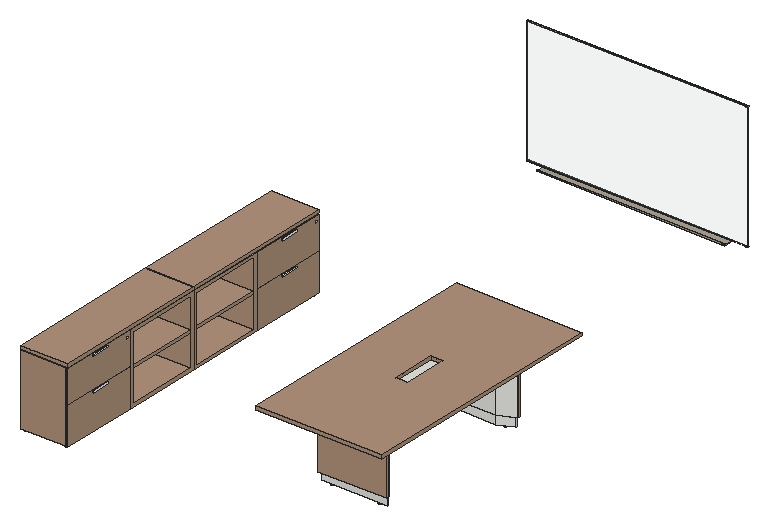
Revit family "Expansion_Casegoods-Meeting_08-Teknion-R2019", category Furniture Systems, Revit 2019
Family settings
  Round Connector Dimension = Use Diameter
  Part Type = Normal
  OmniClass Number = 23.40.70.14.64.21
  OmniClass Title = Systems Furniture
  Work Plane-Based = No
  Always vertical = Yes
  Cut with Voids When Loaded = No
  Shared = Yes
  Room Calculation Point = No
Parameters (values of type "Meeting 08")
  Warranty = "http://www.teknion.com/ca/papers/legal-canada"
  Unit Weight URL = "http://www.teknion.com/ca/tools/assets#&asset=bee6a381-b954-425e-8283-5a2de3a804f2,f828d448-4b62-4231-9e5f-9a8991c0ed77"
  URL = "www.teknion.com"
  To render please download texture images found here [instance] = "https://assets.teknion.com/web/5e81352c1dfdb467/revit-material-swatches/"
  Sustainability Data = "https://www.teknion.com/ca/tools/assets#&topic=216f99a5-57a0-44fc-b10a-9dee9b29ae4c&asset=444deb64-fe58-4b68-981e-f75e97781df7,b4ff2d81-9f2e-437d-9659-7cffb09c31cf"
  Series = "Expansion Casegoods"  # constant formula
  Product Page URL = "https://teknionplanningtool.com/#?Meeting-08-ExpCasegoods"
  Product Line = "Expansion Casegoods"  # constant formula
  Model = "Expansion Casegoods Meeting 08 Layout"
  Material Finish Note [instance] = "Click on Edit Family to change the finishes."  # constant formula
  Manufacturer Phone = "416-661-3370"  # constant formula
  Manufacturer Fax = "416.661.4586"  # constant formula
  Manufacturer Contact Information = "http://www.teknion.com/ca/contactus"
  Manufacturer Address = "1150 Flint Road, Toronto, ON. M3J 2J5. Canada"  # constant formula
  Manufacturer = "Teknion"  # constant formula
  How To Use Teknion Materials User Guide [instance] = "https://assets.teknion.com/m/205dd0a49fa58060/original/How-to-add-a-Material-Library-and-Texture-Images-to-your-Revit-project.pdf"
  For Additional Finishes please visit [instance] = "https://assets.teknion.com/m/44a8009b046e5d47/original/Teknion_Materials_Library.zip"
  Description = "12'-0” x 14'-0”"
  Assembly Code = "E2020200"
Reference planes (in)
  plane 1 "Center F/B": y = 73.81204
  plane 2: z = 0
  plane 3 "Center L/R": x = 34.67004
  plane 4 "Top": z = 29
  plane 5: x = -37.41653
  plane 6: y = -9.57358
  plane 7: y = 157.19765
  plane 8: x = 106.7566
Dimensions and locks (in)
  locked: plane 4 "Top" to level at 29
  equal spacing: plane 5, plane 3 "Center L/R", plane 8
  equal spacing: plane 6, plane 1 "Center F/B", plane 7
  aligned and locked: level to plane 2
Nested families (in)
  nested 1: "Storage-Freestanding-Teknion-BSLFS_Lateral_File-R2019" at (-28.41653, 5.42642, 0) x (0, 1, 0) z (0, 0, 1), type "Two Drawers"
    with Width 30.000", To render please download texture images found here "https://assets.teknion.com/web/5e81352c1dfdb467/revit-material-swatches/", Pull Finish Mica - Teknion - V - Satin - Very White, Lateral File Trim Finish Source Laminate - Teknion - 3M - Provincial Oak, How to Add Texture Images to your Revit Project "https://assets.teknion.com/m/205dd0a49fa58060/original/How-to-add-a-Material-Library-and-Texture-Images-to-your-Revit-project.pdf", For Additional Finishes please visit "https://assets.teknion.com/m/44a8009b046e5d47/original/Teknion_Materials_Library.zip", Drawer Front Finish Source Laminate - Teknion - 3M - Provincial Oak, Depth 18.000", Case Finish Source Laminate - Teknion - 3M - Provincial Oak, Available Widths "24, 30, 36 inches.", Available Depths "18, 24 inches.", Actual Height 27.441"
  nested 2: "Storage-Freestanding-Teknion-BSOB_Bookcase-R2019" at (-37.41653, 35.42642, 0) x (0, 1, 0) z (0, 0, 1), type "28" Height"
    with Width 30.000", To render please download texture images found here "https://assets.teknion.com/web/5e81352c1dfdb467/revit-material-swatches/", How To Use Teknion Materials User Guide "https://assets.teknion.com/m/205dd0a49fa58060/original/How-to-add-a-Material-Library-and-Texture-Images-to-your-Revit-project.pdf", For Additional Finishes please visit "https://assets.teknion.com/m/44a8009b046e5d47/original/Teknion_Materials_Library.zip", Depth 18.000", Case Finish Source Laminate - Teknion - 3M - Provincial Oak, Available Widths "24\", 30\", or 36\"", Available Depths "12\", 18\", 20\", or 24\""
  nested 3: "Storage-Freestanding-Teknion-BSOB_Bookcase-R2019" at (-37.41653, 65.42642, 0) x (0, 1, 0) z (0, 0, 1), type "28" Height"
    with Width 30.000", To render please download texture images found here "https://assets.teknion.com/web/5e81352c1dfdb467/revit-material-swatches/", How To Use Teknion Materials User Guide "https://assets.teknion.com/m/205dd0a49fa58060/original/How-to-add-a-Material-Library-and-Texture-Images-to-your-Revit-project.pdf", For Additional Finishes please visit "https://assets.teknion.com/m/44a8009b046e5d47/original/Teknion_Materials_Library.zip", Depth 18.000", Case Finish Source Laminate - Teknion - 3M - Provincial Oak, Available Widths "24\", 30\", or 36\"", Available Depths "12\", 18\", 20\", or 24\""
  nested 4: "Storage-Freestanding-Teknion-BSLFS_Lateral_File-R2019" at (-28.41653, 95.42642, 0) x (0, 1, 0) z (0, 0, 1), type "Two Drawers"
    with Width 30.000", To render please download texture images found here "https://assets.teknion.com/web/5e81352c1dfdb467/revit-material-swatches/", Pull Finish Mica - Teknion - V - Satin - Very White, Lateral File Trim Finish Source Laminate - Teknion - 3M - Provincial Oak, How to Add Texture Images to your Revit Project "https://assets.teknion.com/m/205dd0a49fa58060/original/How-to-add-a-Material-Library-and-Texture-Images-to-your-Revit-project.pdf", For Additional Finishes please visit "https://assets.teknion.com/m/44a8009b046e5d47/original/Teknion_Materials_Library.zip", Drawer Front Finish Source Laminate - Teknion - 3M - Provincial Oak, Depth 18.000", Case Finish Source Laminate - Teknion - 3M - Provincial Oak, Available Widths "24, 30, 36 inches.", Available Depths "18, 24 inches.", Actual Height 27.441"
  nested 5: "Storage-Freestanding-Teknion-B_STR_Top for Solid-R2019" at (-28.41653, 2.42642, 27.441) x (0, 1, 0) z (0, 0, 1), type "1-3/6" Thick WS"
    with Width 60.000", Finish Source Laminate - Teknion - 3M - Provincial Oak (Cross Grain), Depth 18.000", Available Widths "15, 24, 30, 31, 36, 42, 48, 54, 60, 66, 72, 78, or 84 inches.", Available Depths "12, 18, 22, 24, 30 inches."
  nested 6: "Storage-Freestanding-Teknion-B_STR_Top for Solid-R2019" at (-28.41653, 62.42642, 27.441) x (0, 1, 0) z (0, 0, 1), type "1-3/6" Thick WS"
    with Width 60.000", Finish Source Laminate - Teknion - 3M - Provincial Oak (Cross Grain), Depth 18.000", Available Widths "15, 24, 30, 31, 36, 42, 48, 54, 60, 66, 72, 78, or 84 inches.", Available Depths "12, 18, 22, 24, 30 inches."
  nested 7: "Tables-Meeting-Teknion-BC_MHRB_Height_Adjustable_Meeting_Table_Bevel_Bases-R2019" at (64.7566, 52.73845, 0) x (0, -1, 0) z (0, 0, 1), type "1 3/16" Worksurface Thickness, Standard Range - 28" to 43", 48" Depth"
    with Worksurface Finish Source Laminate - Teknion - 3M - Provincial Oak (Cross Grain), Width 96.000", To render please download texture images found here "https://assets.teknion.com/web/5e81352c1dfdb467/revit-material-swatches/", Straight Corner yes, Rounded 0.500", Radius Corner no, Power Pill Quad no, Power Module Cut-Out Options "Select one of the options below", Power 0.500", No Cut-Out no, Linear Power Module Standard 18" yes, Linear Power Module Compact 8" no, Linear 8 0.500", Linear 18 4.000", How To Use Teknion Materials User Guide "https://assets.teknion.com/m/205dd0a49fa58060/original/How-to-add-a-Material-Library-and-Texture-Images-to-your-Revit-project.pdf", Height 29.362", For Additional Finishes please visit "https://assets.teknion.com/m/44a8009b046e5d47/original/Teknion_Materials_Library.zip", End Pannel Thickness 1.016", End Panel Finish Source Laminate - Teknion - 3M - Provincial Oak, Base Offset 63.520", Base Finish Paint-Teknion-20-T-Foundation-Atrium White, Available Widths "78\", 84\", 90\", or 96\"", Available Height "28\" to 43\"", Available Corner Detail "Select one of the options below", Actual Width 95.520"
  nested 8: "Tables-Meeting-Teknion-BAWMG_Wall_Mounted_Glass_Markerboard-R2018" at (63.98362, 157.05411, 0), type "Magnetic Glass Markerboard Style, 48" h, with Pencil Tray"
    with Width 84.000", Top Trim & Pencil Tray Finish Paint - Teknion - Foundation - Earth, To render please download texture images found here "https://assets.teknion.com/web/5e81352c1dfdb467/revit-material-swatches/", How To Use Teknion Materials User Guide "https://assets.teknion.com/m/205dd0a49fa58060/original/How-to-add-a-Material-Library-and-Texture-Images-to-your-Revit-project.pdf", For Additional Finishes please visit "https://assets.teknion.com/m/44a8009b046e5d47/original/Teknion_Materials_Library.zip", Available Widths "48, 49, 50, 51, 52, 53, 54, 55, 56, 57, 58, 59, 60, 61, 62, 63, 64, 65, 66, 67, 68, 69, 70, 71, 72, 73, 74, 75, 76, 77, 78, 79, 80, 81, 82, 83, 84, 85, 86, 87, 88, 89, 90, 91, 92, 93, 94, 95, 96 inches."
Definition of nested family "Storage-Freestanding-Teknion-BSLFS_Lateral_File-R2019"
  Parameters (values of type "Four Drawers")
    Width [instance] = 24.000"
    Warranty = "http://www.teknion.com/legal/warranty.pdf"
    Unit Weight URL = "http://www.teknion.com/pricing/expansion-casegoods/pdfs/wv.pdf"
    URL = "http://www.teknion.com/"
    Two Drawers Hole Depth = if(or(Two Drawers, Three Drawers, Four Drawers), 2.701", 0.500")  # 2.701"
    Two Drawers = if(or(Three Drawers, Four Drawers), 1 > 2, 1 < 2)  # no
    To render please download texture images found here [instance] = "https://assets.teknion.com/web/5e81352c1dfdb467/revit-material-swatches/"
    Three Drawers Hole Depth = if(or(Three Drawers, Four Drawers), 2.701", 0.500")  # 2.701"
    Three Drawers = no
    Sustainability Data = "http://www.teknion.com/about-teknion/environment/datasheets.asp"
    Second Drawer from Top = or(Three Drawers, Four Drawers)  # yes
    Pull Finish [instance] = none
    Product Page URL = "https://www.teknion.com/ca/products/product-details?productlineid=0053336e-8e7a-673b-a6c8-ff00004460c4"
    Product Line = "Expansion Casegoods"  # constant formula
    Product Documentation Link = "http://www.teknion.com/pricing/expansion-casegoods/pdfs/BSLFS_ppg.pdf"
    Part Number = "BSLFS"  # constant formula
    Model = "BSLFSP18__53"
    Manufacturer Phone = "416-661-3370"
    Manufacturer Fax = "416.661.4586"
    Manufacturer Contact Information = "http://www.teknion.com/contact/contactus.asp"
    Manufacturer Address = "1150 Flint Road, Toronto, ON. M3J 2J5. Canada"
    Manufacturer = "Teknion"  # constant formula
    Lateral File Trim Finish [instance] = none
    How to Add Texture Images to your Revit Project [instance] = "https://assets.teknion.com/m/205dd0a49fa58060/original/How-to-add-a-Material-Library-and-Texture-Images-to-your-Revit-project.pdf"
    Four Drawers = yes
    Four Drawer Hole Depth = if(Four Drawers, 2.701", 0.500")  # 2.701"
    For Additional Finishes please visit [instance] = "https://assets.teknion.com/m/44a8009b046e5d47/original/Teknion_Materials_Library.zip"
    Drawer Front Finish [instance] = none
    Description = "Lateral File, Pulls, Four Drawers, 18\" Depth, 53\" Height"
    Depth [instance] = 18.000"
    Case Finish [instance] = none
    Available Widths [instance] = "24, 30, 36 inches."  # constant formula
    Available Depths [instance] = if(Two Drawers, "18, 24 inches.", "18 inches.")  # "18 inches."
    Assembly Code = "E2020200"
    Actual Height [instance] = if(Two Drawers, 27.441", if(Three Drawers, 39.921", if(Four Drawers, 52.402", 27.441")))  # 52.402"
  Types (3): name | Two Drawers | Three Drawers Hole Depth | Three Drawers | Second Drawer from Top | Model | Four Drawers | Four Drawer Hole Depth | Description | Available Depths | Actual Height
    Two Drawers | yes | 0.500" | no | no | "BSLFSP____28" | no | 0.500" | "Lateral File, Pulls, Two Drawers, 28\" Height" | "18, 24 inches." | 27.441"
    Three Drawers | no | 2.701" | yes | yes | "BSLFSP18__40" | no | 0.500" | "Lateral File, Pulls, Three Drawers, 18\" Depth, 40\" Height" | "18 inches." | 39.921"
    Four Drawers | no | 2.701" | no | yes | "BSLFSP18__53" | yes | 2.701" | "Lateral File, Pulls, Four Drawers, 18\" Depth, 53\" Height" | "18 inches." | 52.402"
  Reference planes (in)
    plane 1 "Center F/B": y = 0
    plane 2 "Bottom": z = 0
    plane 3 "Center L/R": x = 0
    plane 4 "Left": x = -12
    plane 5 "Right": x = 12
    plane 6 "Back": y = 9
    plane 7 "Front": y = -9
    plane 8 "Top": z = 52.402
    plane 9: z = 0.60236
    plane 10 "Symbolic Representation Plane": z = 80
    plane 11: z = 14.90157
    plane 12: y = -8.299
    plane 13: y = -11
    plane 14: y = -9.05906
    plane 15: z = 27.38189
    plane 16: z = 39.87533
  Forms (in)
    Sweep 1, solid, material <- "Case Finish"
      path origin (0, 0, 0) x (1, 0, 0) y (0, 0, 1)
        loop
          line (0, 52.402) -> (0, 0.60236)
      profile origin (0, 0, 26.50218) x (0, -1, 0) y (1, 0, 0)
        loop
          line (-9, -12) -> (8.299, -12) -> (8.299, 12) -> (-9, 12) -> (-9, -12)
    Sweep 2, solid, material <- "Drawer Front Finish"
      path origin (0, 0, 0) x (1, 0, 0) y (0, 1, 0)
        loop
          line (12, 0) -> (-12, 0)
      profile origin (0, 0, 0) x (0, -1, 0) y (0, 0, 1)
        loop
          line (9, 0.60236) -> (9, 52.28383) -> (8.299, 52.28383) -> (8.299, 0.60236) -> (9, 0.60236)
    Sweep 3, solid
      path origin (0, 0, 0) x (1, 0, 0) y (0, 0, 1)
        loop
          line (0, 0) -> (0, 0.60236)
      profile origin (0, 0, 0.30118) x (-1, 0, 0) y (0, -1, 0)
        loop
          circle (-10.74, -7.74814) r 0.5
        loop
          circle (-10.74, 7.74808) r 0.5
        loop
          circle (10.74, -7.74814) r 0.5
        loop
          circle (10.74, 7.74808) r 0.5
    Sweep 4, solid, material <- "Pull Finish"
      path origin (0, 0, 0) x (1, 0, 0) y (0, 1, 0)
        loop
          line (0, -9) -> (0, -9.75)
      profile origin (0, -9.375, 0) x (1, 0, 0) y (0, 0, 1)
        loop
          line (-3.5, 14.82332) -> (-3.5, 14.32283) -> (3.5, 14.32283) -> (3.5, 14.82332) -> (-3.5, 14.82332)
        loop
          line (-3.5, 27.30132) -> (-3.5, 26.80315) -> (3.5, 26.80315) -> (3.5, 27.30132) -> (-3.5, 27.30132)
    Extrusion 5, void
      sketch origin (60, -9, 48) x (-1, 0, 0) y (0, 0, 1)
        loop
          line (72, -33.03937) -> (48, -33.03937) -> (48, -33.15748) -> (72, -33.15748) -> (72, -33.03937)
      from 0.701 to -2
    Extrusion 6, void
      sketch origin (60, -9, 60.48031) x (-1, 0, 0) y (0, 0, 1)
        loop
          line (72, -33.03937) -> (48, -33.03937) -> (48, -33.15748) -> (72, -33.15748) -> (72, -33.03937)
      from 0.701 to -2
    Sweep 7, solid, material <- "Pull Finish", visible <- "Second Drawer from Top"
      path origin (0, 0, 12.48) x (1, 0, 0) y (0, 1, 0)
        loop
          line (0, -9) -> (0, -9.75)
      profile origin (0, -9.375, 12.48) x (1, 0, 0) y (0, 0, 1)
        loop
          line (-3.5, 27.30347) -> (-3.5, 26.80529) -> (3.5, 26.80529) -> (3.5, 27.30347) -> (-3.5, 27.30347)
    Extrusion 8, solid, material <- "Pull Finish"
      sketch origin (60, -9, 60.48) x (1, 0, 0) y (0, 0, 1)
        loop
          line (-49.89961, -9.74181) -> (-49.89961, -10.11583) -> (-49.80118, -10.11583) -> (-49.80118, -9.74181) -> (-49.89961, -9.74181)
        loop
          circle (-49.85039, -9.92882) r 0.39512
      from 0 to 0.05906
    Sweep 9, solid, material <- "Pull Finish", visible <- "Four Drawers"
      path origin (0, 0, 24.96) x (1, 0, 0) y (0, 1, 0)
        loop
          line (0, -9) -> (0, -9.75)
      profile origin (0, -9.375, 24.96) x (1, 0, 0) y (0, 0, 1)
        loop
          line (-3.5, 27.30195) -> (-3.5, 26.80378) -> (3.5, 26.80378) -> (3.5, 27.30195) -> (-3.5, 27.30195)
    Extrusion 10, void
      sketch origin (60, -9, 72.96063) x (-1, 0, 0) y (0, 0, 1)
        loop
          line (72, -33.02625) -> (48, -33.02625) -> (48, -33.14436) -> (72, -33.14436) -> (72, -33.02625)
      from 0.701 to -2
  Cuts and joins
    Extrusion 6, Extrusion 10 cuts Sweep 1
    Extrusion 5, Extrusion 6, Extrusion 10 cuts Sweep 2
  Lines and regions (in)
    Masking region 1
      outline origin (0, 0, 52.402) x (-1, 0, 0) y (0, -1, 0)
        loop
          line (12, -9) -> (12, 9) -> (-12, 9) -> (-12, -9) -> (12, -9)
    Masking region 2
      outline origin (0, 0, 52.402) x (-1, 0, 0) y (0, -1, 0)
        loop
          line (3.5, 9.75) -> (-3.5, 9.75) -> (-3.5, 9) -> (3.5, 9) -> (3.5, 9.75)
    Masking region 3
      outline origin (0, 0, 0) x (1, 0, 0) y (0, 1, 0)
        loop
          line (10.54473, -9) -> (9.75448, -9) -> (9.75448, -9.05906) -> (10.54473, -9.05906) -> (10.54473, -9)
    symbolic lines
      curve 1: line (12, -8.299, 52.402) -> (-12, -8.299, 52.402)
    symbolic lines, detail levels fine
      curve 2: arc (-10.24, -7.74808, 0) -> (-10.74, -7.24808, 0) -> (-11.24, -7.74808, 0) r 0.5
      curve 3: arc (-11.24, -7.74808, 0) -> (-10.74, -8.24808, 0) -> (-10.24, -7.74808, 0) r 0.5
      curve 4: arc (-10.24, 7.74814, 0) -> (-10.74, 8.24814, 0) -> (-11.24, 7.74814, 0) r 0.5
      curve 5: arc (-11.24, 7.74814, 0) -> (-10.74, 7.24814, 0) -> (-10.24, 7.74814, 0) r 0.5
      curve 6: arc (11.24, 7.74814, 0) -> (10.74, 8.24814, 0) -> (10.24, 7.74814, 0) r 0.5
      curve 7: arc (10.24, 7.74814, 0) -> (10.74, 7.24814, 0) -> (11.24, 7.74814, 0) r 0.5
      curve 8: arc (11.24, -7.74808, 0) -> (10.74, -7.24808, 0) -> (10.24, -7.74808, 0) r 0.5
      curve 9: arc (10.24, -7.74808, 0) -> (10.74, -8.24808, 0) -> (11.24, -7.74808, 0) r 0.5
    reference lines, not visible
      curve 10: line (-12, 9, 0) -> (12, 9, 0)
      curve 11: line (-12, 9, 0) -> (-12, -9, 0)
      curve 12: line (12, -9, 0) -> (-12, -9, 0)
      curve 13: line (12, 9, 0) -> (12, -9, 0)
  Dimensions and locks (in)
    "Actual Height": plane 8 "Top" to level
    equal spacing: plane 4 "Left", plane 3 "Center L/R", plane 5 "Right"
    "Width": plane 4 "Left" to plane 5 "Right"
    equal spacing: plane 6 "Back", plane 1 "Center F/B", plane 7 "Front"
    "Depth": plane 6 "Back" to plane 7 "Front"
    locked: plane 9 to level at 0.60236
    locked: Sweep 1 sketch curve to plane 7 "Front" at 0.701
    locked: Sweep 2 sketch curve to plane 8 "Top" at 0.11817
    locked: plane 6 "Back" to Sweep 3 sketch curve at 1.25186  (x2)
    locked: Sweep 3 sketch curve to plane 5 "Right" at 1.26  (x2)
    locked: plane 4 "Left" to Sweep 3 sketch curve at 1.26  (x2)
    locked: plane 7 "Front" to Sweep 3 sketch curve at 1.25192  (x2)
    Sweep 4 sketch curve to plane 7 "Front" = 0.750"
    locked: Sweep 4 sketch curve to Sweep 4 sketch curve at 7
    equal spacing: Sweep 4 sketch curve, plane 3 "Center L/R", Sweep 4 sketch curve
    locked: Sweep 4 sketch curve to level at 14.32283
    locked: Sweep 4 sketch curve to level at 14.82332
    locked: Sweep 4 sketch curve to level at 26.80315
    locked: Sweep 4 sketch curve to level at 27.30132
    locked: plane 10 "Symbolic Representation Plane" to level at 80
    plane 11 to plane 2 "Bottom" = 14.90157"
    Extrusion 5 sketch curve to plane 11 to Extrusion 5 sketch curve = 0.05906" locked, 0.05906" locked
    locked: plane 12 to plane 7 "Front" at 0.701
    "Two Drawers Hole Depth": Extrusion 5 to plane 13
    locked: plane 7 "Front" to plane 13 at 2
    locked: plane 14 to plane 7 "Front" at 0.05906
    Extrusion 6 sketch curve to plane 15 to Extrusion 6 sketch curve = 0.05906" locked, 0.05906" locked
    locked: plane 15 to level at 27.38189
    "Three Drawers Hole Depth": Extrusion 6 to plane 13
    Sweep 7 sketch curve to Sweep 7 sketch curve to plane 2 "Bottom" = 0.49817" locked, 39.28529" locked
    Sweep 7 sketch curve to plane 3 "Center L/R" to Sweep 7 sketch curve = 3.500" locked, 3.500" locked
    plane 5 "Right" to Extrusion 8 sketch curve to Extrusion 8 sketch curve to Extrusion 8 sketch curve = 1.80118" locked, 0.04921" locked, 0.04921" locked
    Extrusion 8 sketch curve to Extrusion 8 sketch curve to Extrusion 8 sketch curve to plane 8 "Top" = 0.18701" locked, 0.18701" locked, 1.66381" locked
    Sweep 9 sketch curve to plane 3 "Center L/R" to Sweep 9 sketch curve = 3.500" locked, 3.500" locked
    plane 8 "Top" to Sweep 9 sketch curve to Sweep 9 sketch curve = 0.14005" locked, 0.49817" locked
    Extrusion 10 sketch curve to plane 16 to Extrusion 10 sketch curve = 0.05906" locked, 0.05906" locked
    locked: plane 16 to plane 2 "Bottom" at 39.87533
    "Four Drawer Hole Depth": Extrusion 10 to plane 13
    Masking region 3 sketch curve to Masking region 3 sketch curve to plane 5 "Right" = 0.79025" locked, 1.45527" locked
    aligned and locked: level to plane 2 "Bottom"
    aligned and locked: plane 8 "Top" to Sweep 1 sketch curve
    aligned and locked: plane 9 to Sweep 1 sketch curve
    aligned and locked: Sweep 1 sketch curve to plane 3 "Center L/R"
    aligned and locked: plane 6 "Back" to Sweep 1 sketch curve
    aligned and locked: Sweep 1 sketch curve to plane 4 "Left"
    aligned and locked: plane 5 "Right" to Sweep 1 sketch curve
    aligned and locked: Sweep 2 sketch curve to plane 1 "Center F/B"
    aligned and locked: Sweep 2 sketch curve to plane 7 "Front"
    aligned and locked: level to Sweep 3 sketch curve
    aligned and locked: Sweep 3 sketch curve to Sweep 1
    aligned and locked: plane 3 "Center L/R" to Sweep 3 sketch curve
    aligned and locked: Sweep 4 sketch curve to plane 3 "Center L/R"
    aligned and locked: Sweep 4 sketch curve to Sweep 4 sketch curve  (x2)
    aligned and locked: Masking region 1 sketch curve to Sweep 1  (x2)
    aligned and locked: Masking region 1 sketch curve to Sweep 2
    aligned and locked: curve 1 to Sweep 2
    aligned and locked: plane 5 "Right" to curve 1
    aligned and locked: plane 4 "Left" to curve 1
    aligned and locked: plane 4 "Left" to Extrusion 5 sketch curve
    aligned and locked: Extrusion 5 sketch curve to plane 5 "Right"
    aligned and locked: plane 13 to Extrusion 5
    aligned and locked: plane 4 "Left" to Sweep 2 sketch curve
    aligned and locked: plane 5 "Right" to Sweep 2 sketch curve
    aligned and locked: plane 5 "Right" to Extrusion 6 sketch curve
    aligned and locked: Extrusion 6 to plane 13
    aligned and locked: Extrusion 10 sketch curve to plane 5 "Right"
    aligned and locked: plane 4 "Left" to Extrusion 10 sketch curve
    aligned and locked: plane 4 "Left" to Extrusion 6 sketch curve
    aligned and locked: Extrusion 10 to plane 13
    aligned and locked: curve 2 to Sweep 3
    aligned and locked: curve 3 to Sweep 3
    aligned and locked: curve 4 to Sweep 3
    aligned and locked: curve 5 to Sweep 3
    aligned and locked: curve 6 to Sweep 3
    aligned and locked: curve 7 to Sweep 3
    aligned and locked: curve 8 to Sweep 3
    aligned and locked: curve 9 to Sweep 3
    aligned and locked: plane 14 to Extrusion 8
    aligned and locked: Extrusion 8 to plane 7 "Front"
    aligned and locked: curve 10 to plane 6 "Back"
    aligned and locked: curve 11 to plane 4 "Left"
    aligned and locked: curve 12 to plane 7 "Front"
    aligned and locked: curve 13 to plane 5 "Right"
    aligned and locked: Masking region 3 sketch curve to Extrusion 8  (x2)
    aligned and locked: plane 9 to Sweep 2 sketch curve
  Automatic sketch dimensions
    Sweep 2 sketch curve to Sweep 2 sketch curve = 0.701"
    plane 7 "Front" to Sweep 4 sketch curve = 0.000"
    plane 7 "Front" to Masking region 1 sketch curve = 0.000"
    plane 7 "Front" to Masking region 2 sketch curve = 0.000"
    plane 14 to Masking region 2 sketch curve = 0.69094"
    plane 3 "Center L/R" to Masking region 2 sketch curve = 3.500"
    Masking region 2 sketch curve to plane 3 "Center L/R" = 3.500"
    Sweep 7 sketch curve to plane 3 "Center L/R" = 0.000"
    plane 7 "Front" to Sweep 7 sketch curve = 0.000"
    plane 14 to Sweep 7 sketch curve = 0.69094"
    Sweep 9 sketch curve to plane 3 "Center L/R" = 0.000"
    plane 7 "Front" to Sweep 9 sketch curve = 0.000"
    plane 14 to Sweep 9 sketch curve = 0.69094"
    radius of Sweep 3 sketch curve = 0.500"  (x4)
    radius of Extrusion 8 sketch curve = 0.39512"
Definition of nested family "Storage-Freestanding-Teknion-BSOB_Bookcase-R2019"
  Parameters (values of type "72" Height")
    Width [instance] = 24.000"
    Warranty = "http://www.teknion.com/ca/papers/legal-canada"
    Unit Weight URL = "http://www.teknion.com/ca/tools/assets#&asset=bee6a381-b954-425e-8283-5a2de3a804f2,f828d448-4b62-4231-9e5f-9a8991c0ed77"
    URL = "www.teknion.com"
    To render please download texture images found here [instance] = "https://assets.teknion.com/web/5e81352c1dfdb467/revit-material-swatches/"
    Sustainability Data = "http://www.teknion.com/ca/tools/assets#&topic=216f99a5-57a0-44fc-b10a-9dee9b29ae4c&asset=444deb64-fe58-4b68-981e-f75e97781df7"
    Shelf Offset = if(Height = 39.921", 11.583", if(Height = 52.402", 17.882", if(Height = 65.374", 14.102", if(Height = 71.626", 12.843", 11.583"))))  # 12.843"
    Shelf #4 Visibility = if(or(Height = 27.441", Height = 39.921", Height = 52.402", Height = 65.374"), 1 > 2, 1 < 2)  # yes
    Shelf #3 Visibility = if(or(Height = 27.441", Height = 39.921", Height = 52.402"), 1 > 2, 1 < 2)  # yes
    Shelf #2 Visibility = if(Height = 27.441", 1 > 2, 1 < 2)  # yes
    Series = "Expansion Casegoods"  # constant formula
    Product Page URL = "http://www.teknion.com/ca/products/product-details?productlineid=0053336e-8e7a-673b-a6c8-ff00004460c4"
    Product Line = "Expansion Casegoods"  # constant formula
    Product Documentation Link = "http://www.teknion.com/pricing/expansion-casegoods/pdfs/BSOB_ppg.pdf"
    Part Number = "BSOB"  # constant formula
    Model = "BSOB____72"
    Manufacturer Phone = "416-661-3370"  # constant formula
    Manufacturer Fax = "416.661.4586"  # constant formula
    Manufacturer Contact Information = "http://www.teknion.com/ca/contactus"
    Manufacturer Address = "1150 Flint Road, Toronto, ON. M3J 2J5. Canada"  # constant formula
    Manufacturer = "Teknion"  # constant formula
    How To Use Teknion Materials User Guide [instance] = "https://assets.teknion.com/m/205dd0a49fa58060/original/How-to-add-a-Material-Library-and-Texture-Images-to-your-Revit-project.pdf"
    Height = 71.626"
    For Additional Finishes please visit [instance] = "https://assets.teknion.com/m/44a8009b046e5d47/original/Teknion_Materials_Library.zip"
    Description = "Bookcase, 72\" Height"
    Depth [instance] = 12.000"
    Case Finish [instance] = none
    Available Widths [instance] = "24\", 30\", or 36\""  # constant formula
    Available Depths [instance] = "12\", 18\", 20\", or 24\""  # constant formula
    Assembly Code = "E2020200"
  Types (5): name | Shelf Offset | Shelf #4 Visibility | Shelf #3 Visibility | Shelf #2 Visibility | Model | Height | Description
    72" Height | 12.843" | yes | yes | yes | "BSOB____72" | 71.626" | "Bookcase, 72\" Height"
    28" Height | 11.583" | no | no | no | "BSOB____28" | 27.441" | "Bookcase, 28\" Height"
    40" Height | 11.583" | no | no | yes | "BSOB____40" | 39.921" | "Bookcase, 40\" Height"
    53" Height | 17.882" | no | no | yes | "BSOB____53" | 52.402" | "Bookcase, 53\" Height"
    66" Height | 14.102" | no | yes | yes | "BSOB____66" | 65.374" | "Bookcase, 66\" Height"
  Reference planes (in)
    plane 1 "Back": y = 0
    plane 2: z = 0
    plane 3 "Center Left/Right": x = 0
    plane 4 "Left": x = -12
    plane 5 "Right": x = 12
    plane 6 "Center": y = -6
    plane 7 "Front": y = -12
    plane 8 "Top": z = 71.626
    plane 9: z = 0.60236
    plane 10: z = 1.61811
    plane 11: y = -1.01575
    plane 12: z = 70.61025
    plane 13: x = -10.98425
    plane 14: x = 10.98425
    plane 15: z = 14.72441
    plane 16: z = 13.70866
    plane 17: y = -11.803
    plane 18: z = 28.58316
    plane 19: z = 27.56741
    plane 20: z = 42.44191
    plane 21: z = 41.42616
    plane 22: z = 56.30065
    plane 23: z = 55.28491
  Forms (in)
    Extrusion 1, solid, material <- "Case Finish"
      sketch origin (0, 0, 0) x (1, 0, 0) y (0, 0, 1)
        loop
          line (-12, 71.626) -> (-12, 0.60236) -> (12, 0.60236) -> (12, 71.626) -> (-12, 71.626)
        loop
          line (10.98425, 1.61811) -> (10.98425, 70.61025) -> (-10.98425, 70.61025) -> (-10.98425, 1.61811) -> (10.98425, 1.61811)
      from 0 to 12
    Extrusion 2, solid
      sketch origin (0, 0, 0) x (1, 0, 0) y (0, 1, 0)
        loop
          circle (11.49197, -1.49453) r 0.5
      from 0 to 0.60236
    Extrusion 3, solid, material <- "Case Finish"
      sketch origin (10.92425, -180, 13.70866) x (0, -1, 0) y (-1, 0, 0)
        loop
          line (-168.197, -0.06) -> (-168.197, 21.9085) -> (-178.98425, 21.9085) -> (-178.98425, -0.06) -> (-168.197, -0.06)
      from 0 to -1.01575
    Extrusion 4, solid
      sketch origin (0, -11.9375, 0) x (1, 0, 0) y (0, 1, 0)
        loop
          circle (11.49197, 1.49453) r 0.5
      from 0 to 0.60236
    Extrusion 5, solid
      sketch origin (0, -11.9375, 0) x (-1, 0, 0) y (0, -1, 0)
        loop
          circle (11.49197, -1.49453) r 0.5
      from 0 to 0.60236
    Extrusion 6, solid
      sketch origin (0, 0, 0) x (-1, 0, 0) y (0, -1, 0)
        loop
          circle (11.49197, 1.49453) r 0.5
      from 0 to 0.60236
    Extrusion 7, solid, material <- "Case Finish"
      sketch origin (10.92425, -180, 13.70866) x (0, -1, 0) y (-1, 0, 0)
        loop
          line (-180, 21.9085) -> (-180, -0.06) -> (-178.98425, -0.06) -> (-178.98425, 21.9085) -> (-180, 21.9085)
      from -56.90159 to 12.09055
    Extrusion 8, solid, material <- "Case Finish", visible <- "Shelf #2 Visibility"
      sketch origin (10.92425, -180, 27.56741) x (0, -1, 0) y (-1, 0, 0)
        loop
          line (-168.197, -0.06) -> (-168.197, 21.9085) -> (-178.98425, 21.9085) -> (-178.98425, -0.06) -> (-168.197, -0.06)
      from 0 to -1.01575
    Extrusion 9, solid, material <- "Case Finish", visible <- "Shelf #3 Visibility"
      sketch origin (10.92425, -180, 38.90551) x (0, -1, 0) y (-1, 0, 0)
        loop
          line (-168.197, -0.06) -> (-168.197, 21.9085) -> (-178.98425, 21.9085) -> (-178.98425, -0.06) -> (-168.197, -0.06)
      from -2.52065 to -3.53639
    Extrusion 10, solid, material <- "Case Finish", visible <- "Shelf #4 Visibility"
      sketch origin (10.92425, -180, 51.50394) x (0, -1, 0) y (-1, 0, 0)
        loop
          line (-168.197, -0.06) -> (-168.197, 21.9085) -> (-178.98425, 21.9085) -> (-178.98425, -0.06) -> (-168.197, -0.06)
      from -3.78097 to -4.79672
  Lines and regions (in)
    Masking region 1
      outline origin (10.92425, -180, 13.70866) x (0, -1, 0) y (1, 0, 0)
        loop
          line (-180, 1.07575) -> (-180, -22.92425) -> (-168, -22.92425) -> (-168, 1.07575) -> (-180, 1.07575)
    symbolic lines, detail levels medium+fine
      curve 1: line (-10.98425, 0, 13.70866) -> (-10.98425, -12, 13.70866)
      curve 2: line (10.98425, -12, 13.70866) -> (10.98425, 0, 13.70866)
      curve 3: line (10.98425, -11.803, 13.70866) -> (-10.98425, -11.803, 13.70866)
      curve 4: line (10.98425, -1.01575, 13.70866) -> (-10.98425, -1.01575, 13.70866)
    symbolic lines, detail levels fine
      curve 5: arc (-10.99197, -10.44297, 13.70866) -> (-11.49197, -9.94297, 13.70866) -> (-11.99197, -10.44297, 13.70866) r 0.5
      curve 6: arc (-11.99197, -10.44297, 13.70866) -> (-11.49197, -10.94297, 13.70866) -> (-10.99197, -10.44297, 13.70866) r 0.5
      curve 7: arc (-10.99197, -1.49453, 13.70866) -> (-11.49197, -0.99453, 13.70866) -> (-11.99197, -1.49453, 13.70866) r 0.5
      curve 8: arc (-11.99197, -1.49453, 13.70866) -> (-11.49197, -1.99453, 13.70866) -> (-10.99197, -1.49453, 13.70866) r 0.5
      curve 9: arc (10.99197, -1.49453, 13.70866) -> (11.49197, -1.99453, 13.70866) -> (11.99197, -1.49453, 13.70866) r 0.5
      curve 10: arc (11.99197, -1.49453, 13.70866) -> (11.49197, -0.99453, 13.70866) -> (10.99197, -1.49453, 13.70866) r 0.5
      curve 11: arc (11.99197, -10.44297, 13.70866) -> (11.49197, -9.94297, 13.70866) -> (10.99197, -10.44297, 13.70866) r 0.5
      curve 12: arc (10.99197, -10.44297, 13.70866) -> (11.49197, -10.94297, 13.70866) -> (11.99197, -10.44297, 13.70866) r 0.5
    reference lines
      curve 13: line (-12, 0, 13.70866) -> (-12, -12, 13.70866)
      curve 14: line (12, 0, 13.70866) -> (-12, 0, 13.70866)
      curve 15: line (12, 0, 13.70866) -> (12, -12, 13.70866)
      curve 16: line (-12, -12, 13.70866) -> (12, -12, 13.70866)
  Dimensions and locks (in)
    "Width": plane 4 "Left" to plane 5 "Right"
    plane 6 "Center" to plane 7 "Front" = 6.000"
    "Height": plane 8 "Top" to level
    locked: plane 9 to plane 2 at 0.60236
    locked: plane 11 to plane 1 "Back" at 1.01575
    locked: plane 12 to plane 8 "Top" at 1.01575
    equal spacing: plane 5 "Right", plane 3 "Center Left/Right", plane 4 "Left"
    locked: plane 14 to plane 5 "Right" at 1.01575
    locked: plane 13 to plane 4 "Left" at 1.01575
    equal spacing: plane 7 "Front", plane 6 "Center", plane 1 "Back"
    "Depth": plane 7 "Front" to plane 1 "Back"
    plane 15 to plane 16 to plane 10 = 1.01575" locked, 12.09055" locked
    locked: Extrusion 2 sketch curve to plane 1 "Back" at 1.49453
    locked: Extrusion 2 sketch curve to plane 5 "Right" at 0.50803
    locked: plane 7 "Front" to plane 17 at 0.197
    locked: plane 7 "Front" to Extrusion 4 sketch curve at 1.55703
    locked: Extrusion 4 sketch curve to plane 5 "Right" at 0.50803
    locked: plane 7 "Front" to Extrusion 5 sketch curve at 1.55703
    locked: plane 4 "Left" to Extrusion 5 sketch curve at 0.50803
    locked: plane 4 "Left" to Extrusion 6 sketch curve at 0.50803
    locked: Extrusion 6 sketch curve to plane 1 "Back" at 1.49453
    equal spacing: plane 4 "Left", plane 3 "Center Left/Right", plane 5 "Right"
    locked: plane 18 to plane 19 at 1.01575
    "Shelf Offset": plane 19 to plane 15
    locked: plane 20 to plane 21 at 1.01575
    locked: plane 22 to plane 23 at 1.01575
    "Shelf Offset": plane 23 to plane 20
    "Shelf Offset": plane 21 to plane 18
    aligned and locked: level to plane 2
    aligned and locked: Extrusion 1 sketch curve to plane 4 "Left"
    aligned and locked: Extrusion 1 sketch curve to plane 8 "Top"
    aligned and locked: plane 5 "Right" to Extrusion 1 sketch curve
    aligned and locked: Extrusion 1 sketch curve to plane 9
    aligned and locked: Extrusion 1 sketch curve to plane 14
    aligned and locked: Extrusion 1 sketch curve to plane 12
    aligned and locked: Extrusion 1 sketch curve to plane 13
    aligned and locked: Extrusion 1 sketch curve to plane 10
    aligned and locked: Extrusion 1 to plane 1 "Back"
    aligned and locked: Extrusion 1 to plane 7 "Front"
    aligned and locked: Extrusion 2 to plane 2
    aligned and locked: Extrusion 2 to plane 9
    aligned and locked: plane 17 to Extrusion 3 sketch curve
    aligned and locked: plane 13 to Extrusion 3 sketch curve
    aligned and locked: plane 11 to Extrusion 3 sketch curve
    aligned and locked: plane 14 to Extrusion 3 sketch curve
    aligned and locked: Extrusion 3 to plane 15
    aligned and locked: plane 16 to Extrusion 3
    aligned and locked: plane 13 to Extrusion 7 sketch curve
    aligned and locked: plane 1 "Back" to Extrusion 7 sketch curve
    aligned and locked: plane 11 to Extrusion 7 sketch curve
    aligned and locked: plane 14 to Extrusion 7 sketch curve
    aligned and locked: Extrusion 7 to plane 12
    aligned and locked: plane 10 to Extrusion 7
    aligned and locked: Extrusion 6 to plane 9
    aligned and locked: Extrusion 5 to plane 9
    aligned and locked: Extrusion 4 to plane 9
    aligned and locked: Extrusion 5 to plane 2
    aligned and locked: Extrusion 4 to plane 2
    aligned and locked: Extrusion 6 to plane 2
    aligned and locked: Extrusion 8 to plane 18
    aligned and locked: plane 19 to Extrusion 8
    aligned and locked: Extrusion 8 to plane 13
    aligned and locked: Extrusion 8 to plane 14
    aligned and locked: Extrusion 9 to plane 13
    aligned and locked: Extrusion 9 to plane 14
    aligned and locked: plane 14 to Extrusion 10
    aligned and locked: Extrusion 10 to plane 13
    aligned and locked: plane 23 to Extrusion 10
    aligned and locked: Extrusion 10 to plane 22
    aligned and locked: plane 21 to Extrusion 9
    aligned and locked: Extrusion 9 to plane 20
    aligned and locked: Extrusion 10 to curve 3
    aligned and locked: curve 4 to Extrusion 7
    aligned and locked: curve 5 to Extrusion 5
    aligned and locked: curve 6 to Extrusion 5
    aligned and locked: curve 7 to Extrusion 6
    aligned and locked: curve 8 to Extrusion 6
    aligned and locked: curve 9 to Extrusion 2
    aligned and locked: curve 10 to Extrusion 2
    aligned and locked: curve 11 to Extrusion 4
    aligned and locked: curve 12 to Extrusion 4
    aligned and locked: Masking region 1 sketch curve to plane 1 "Back"
    aligned and locked: Masking region 1 sketch curve to plane 5 "Right"
    aligned and locked: Masking region 1 sketch curve to plane 7 "Front"
    aligned and locked: plane 4 "Left" to Masking region 1 sketch curve
    aligned and locked: Extrusion 7 to plane 11
    aligned and locked: plane 11 to Extrusion 10
    aligned and locked: plane 11 to Extrusion 9
    aligned and locked: plane 11 to Extrusion 8
    aligned and locked: plane 11 to Extrusion 3
    aligned and locked: curve 13 to plane 4 "Left"
    aligned and locked: curve 14 to plane 1 "Back"
    aligned and locked: curve 15 to plane 5 "Right"
    aligned and locked: curve 16 to plane 7 "Front"
  Automatic sketch dimensions
    plane 11 to Extrusion 8 sketch curve = 0.000"
    Extrusion 8 sketch curve to plane 13 = 0.000"
    plane 17 to Extrusion 8 sketch curve = 0.000"
    Extrusion 8 sketch curve to plane 14 = 0.000"
    plane 11 to Extrusion 9 sketch curve = 0.000"
    Extrusion 9 sketch curve to plane 13 = 0.000"
    plane 17 to Extrusion 9 sketch curve = 0.000"
    Extrusion 9 sketch curve to plane 14 = 0.000"
    plane 11 to Extrusion 10 sketch curve = 0.000"
    Extrusion 10 sketch curve to plane 13 = 0.000"
    plane 17 to Extrusion 10 sketch curve = 0.000"
    Extrusion 10 sketch curve to plane 14 = 0.000"
    plane 1 "Back" to curve 2 = 0.000"
    plane 1 "Back" to curve 1 = 0.000"
    plane 7 "Front" to curve 2 = 0.000"
    plane 7 "Front" to curve 1 = 0.000"
    curve 3 to plane 13 = 0.000"
    curve 3 to plane 14 = 0.000"
    radius of Extrusion 2 sketch curve = 0.500"
    radius of Extrusion 4 sketch curve = 0.500"
    radius of Extrusion 5 sketch curve = 0.500"
    radius of Extrusion 6 sketch curve = 0.500"
Definition of nested family "Storage-Freestanding-Teknion-B_STR_Top for Solid-R2019"
  Parameters (values of type "1" Thick WS")
    Worksurface Thickness = 1.01562"
    Width [instance] = 31.000"
    Warranty = "https://www.teknion.com/ca/warranty"
    Unit Weight URL = "http://www.teknion.com/pricing/expansion-casegoods/pdfs/wv.pdf"
    URL = "http://www.teknion.com/"
    Sustainability Data = "http://www.teknion.com/about-teknion/environment/datasheets.asp"
    Series = "Expansion Casegoods"  # constant formula
    Product Page URL = "https://www.teknion.com/ca/products/product-details?productlineid=0053336e-8e7a-673b-a6c8-ff00004460c4"
    Product Line = "Expansion Casegoods"  # constant formula
    Product Documentation Link = "http://www.teknion.com/pricing/Expansion-Casegoods/pdfs/B_STR_ppg.pdf"
    Part Number = "B_STR"
    Model = "BDSTR____"
    Manufacturer Phone = "416-661-3370"
    Manufacturer Fax = "416.661.4586"
    Manufacturer Contact Information = "https://www.teknion.com/contactus"
    Manufacturer Address = "1150 Flint Road, Toronto, ON. M3J 2J5. Canada"
    Manufacturer = "Teknion"  # constant formula
    Finish [instance] = none
    Description = "Top for Solid Storage (1\" Thick Worksurface)"
    Depth [instance] = 30.000"
    Default Elevation = 48.000"
    1-9/16" WS = no
    1-3/16" WS = no
    Available Widths [instance] = if(Depth = 12.000", "24, 30, and 36 inches.", if(or(Depth = 30.000", Depth = 22.000"), "15 or 31 inches.", if(and(Depth = 18.000", [1" WS]), "15, 24, 30, 31, 36, 42, 48, 54, 60, 66, or 72 inches.", if(and(Depth = 24.000", [1" WS]), "24, 30, 36, 42, 48, 54, 60, 66, or 72 inches.", if(and(Depth = 18.000", or([1-3/16" WS], [1-9/16" WS])), "15, 24, 30, 31, 36, 42, 48, 54, 60, 66, 72, 78, or 84 inches.", "24, 30, 36, 42, 48, 54, 60, 66, 72, 78, or 84 inches.")))))  # "15 or 31 inches."
    Available Depths [instance] = "12, 18, 22, 24, 30 inches."  # constant formula
    Assembly Code = "E2020200"
    1" WS = yes
  Types (3): name | Worksurface Thickness | Model | Description | 1-9/16" WS | 1-3/16" WS | 1" WS
    1" Thick WS | 1.01562" | "BDSTR____" | "Top for Solid Storage (1\" Thick Worksurface)" | no | no | yes
    1-3/6" Thick WS | 1.189" | "BMSTR____" | "Top for Solid Storage (1-3/16\" Thick Worksurface)" | no | yes | no
    1-9/16" Thick WS | 1.555" | "BXSTR____" | "Top for Solid Storage (1-9/16\" Thick Worksurface)" | yes | no | no
  Reference planes (in)
    plane 1 "Center F/B": y = -6
    plane 2: z = 0
    plane 3 "Center L/R": x = 3.5
    plane 4 "Left": x = -12
    plane 5 "Right": x = 19
    plane 6 "Back": y = 9
    plane 7 "Front": y = -21
    plane 8 "Top": z = 1.3424
    plane 9 "Bottom": z = 0.32677
    plane 10: y = 8.01575
    plane 11: x = -11.01575
    plane 12: y = -20.01575
    plane 13: x = 18.01575
    plane 14: z = 0
  Forms (in)
    Sweep 1, solid, material <- "Finish"
      path origin (0, -6, 0) x (1, 0, 0) y (0, 0, 1)
        loop
          line (3.5, 0.32677) -> (3.5, 1.3424)
      profile origin (3.5, -6, 0.83458) x (-1, 0, 0) y (0, -1, 0)
        loop
          line (15.5, -15) -> (15.5, 15) -> (-15.5, 15) -> (-15.5, -15) -> (15.5, -15)
    Extrusion 2, solid
      sketch origin (0, 0, 0) x (1, 0, 0) y (0, 1, 0)
        loop
          line (-11.01575, -20.01575) -> (18.01575, -20.01575) -> (18.01575, 8.01575) -> (-11.01575, 8.01575) -> (-11.01575, -20.01575)
      from 0 to 0.32677
  Lines and regions (in)
    Masking region 1
      outline origin (0, 0, 1.3424) x (-1, 0, 0) y (0, -1, 0)
        loop
          line (12, -9) -> (12, 21) -> (-19, 21) -> (-19, -9) -> (12, -9)
    symbolic lines, detail levels medium+fine
      curve 1: line (-11.01575, 8.01575, 0) -> (-11.01575, -20.01575, 0)
      curve 2: line (-11.01575, -20.01575, 0) -> (18.01575, -20.01575, 0)
      curve 3: line (18.01575, -20.01575, 0) -> (18.01575, 8.01575, 0)
      curve 4: line (18.01575, 8.01575, 0) -> (-11.01575, 8.01575, 0)
    reference lines, not visible
      curve 5: line (-12, 9, 0) -> (19, 9, 0)
      curve 6: line (-12, 9, 0) -> (-12, -21, 0)
      curve 7: line (19, -21, 0) -> (-12, -21, 0)
      curve 8: line (19, 9, 0) -> (19, -21, 0)
  Dimensions and locks (in)
    locked: plane 14 to level at 0
    equal spacing: plane 4 "Left", plane 3 "Center L/R", plane 5 "Right"
    "Width": plane 4 "Left" to plane 5 "Right"
    equal spacing: plane 6 "Back", plane 1 "Center F/B", plane 7 "Front"
    "Depth": plane 6 "Back" to plane 7 "Front"
    "Worksurface Thickness": plane 8 "Top" to plane 9 "Bottom"
    locked: plane 4 "Left" to plane 11 at 0.98425
    locked: plane 13 to plane 5 "Right" at 0.98425
    locked: plane 6 "Back" to plane 10 at 0.98425
    locked: plane 7 "Front" to plane 12 at 0.98425
    locked: plane 9 "Bottom" to plane 14 at 0.32677
    aligned and locked: level to plane 2
    aligned and locked: plane 9 "Bottom" to Sweep 1 sketch curve
    aligned and locked: plane 3 "Center L/R" to Sweep 1 sketch curve
    aligned and locked: plane 8 "Top" to Sweep 1 sketch curve
    aligned and locked: Sweep 1 sketch curve to plane 6 "Back"
    aligned and locked: Sweep 1 sketch curve to plane 4 "Left"
    aligned and locked: Sweep 1 sketch curve to plane 7 "Front"
    aligned and locked: Sweep 1 sketch curve to plane 5 "Right"
    aligned and locked: Masking region 1 sketch curve to Sweep 1  (x4)
    aligned and locked: Extrusion 2 sketch curve to plane 11
    aligned and locked: Extrusion 2 sketch curve to plane 10
    aligned and locked: Extrusion 2 sketch curve to plane 13
    aligned and locked: Extrusion 2 sketch curve to plane 12
    aligned and locked: Extrusion 2 to plane 9 "Bottom"
    aligned and locked: Extrusion 2 to plane 14
    aligned and locked: curve 5 to plane 6 "Back"
    aligned and locked: curve 6 to plane 4 "Left"
    aligned and locked: curve 7 to plane 7 "Front"
    aligned and locked: curve 8 to plane 5 "Right"
  Automatic sketch dimensions
    curve 1 to plane 11 = 0.000"
    curve 3 to plane 10 = 0.000"
    curve 3 to plane 12 = 0.000"
    curve 3 to plane 13 = 0.000"
Definition of nested family "Tables-Meeting-Teknion-BC_MHRB_Height_Adjustable_Meeting_Table_Bevel_Bases-R2019"
  Parameters (values of type "1 3/16" Worksurface Thickness, Standard Range - 28" to 43", 42" Depth")
    Worksurface Thickness = 1.189"
    Worksurface Finish [instance] = none
    Width [instance] = 96.000"
    Warranty = "http://www.teknion.com/ca/papers/legal-canada"
    Unit Weight URL = "http://www.teknion.com/ca/tools/assets#&asset=bee6a381-b954-425e-8283-5a2de3a804f2,f828d448-4b62-4231-9e5f-9a8991c0ed77"
    URL = "www.teknion.com"
    To render please download texture images found here [instance] = "https://assets.teknion.com/web/5e81352c1dfdb467/revit-material-swatches/"
    Sustainability Data = "https://www.teknion.com/ca/tools/assets#&topic=216f99a5-57a0-44fc-b10a-9dee9b29ae4c&asset=444deb64-fe58-4b68-981e-f75e97781df7,b4ff2d81-9f2e-437d-9659-7cffb09c31cf"
    Straight Corner [instance] = not(Radius Corner)  # yes
    Series = "Expansion Casegoods"  # constant formula
    Rounded [instance] = if(Radius Corner, 4.000", 0.500")  # 0.500"
    Radius Corner [instance] = no
    Product Page URL = "https://www.teknion.com/ca/products/product-details?productLineId=0053336e-8e7a-673b-a6c8-ff00004460c4"
    Product Line = "Expansion Casegoods"  # constant formula
    Product Documentation Link = "https://www.teknion.com/pricing/expansion-casegoods/pdfs/BC_MHRB_ppg.pdf"
    Power Pill Quad [instance] = no
    Power Module Cut-Out Options [instance] = "Select one of the options below"  # constant formula
    Power [instance] = if(Power Pill Quad, 4.000", 0.500")  # 0.500"
    Part Number = "BC_MHRB"  # constant formula
    No Cut-Out [instance] = not(or([Linear Power Module Compact 8"], [Linear Power Module Standard 18"], Power Pill Quad))  # yes
    Model = "BCMMHRBS42_____"
    Manufacturer Phone = "416-661-3370"  # constant formula
    Manufacturer Fax = "416.661.4586"  # constant formula
    Manufacturer Contact Information = "http://www.teknion.com/ca/contactus"
    Manufacturer Address = "1150 Flint Road, Toronto, ON. M3J 2J5. Canada"  # constant formula
    Manufacturer = "Teknion"  # constant formula
    Linear Power Module Standard 18" [instance] = no
    Linear Power Module Compact 8" [instance] = no
    Linear 8 [instance] = if([Linear Power Module Compact 8"], 4.000", 0.500")  # 0.500"
    Linear 18 [instance] = if([Linear Power Module Standard 18"], 4.000", 0.500")  # 0.500"
    How To Use Teknion Materials User Guide [instance] = "https://assets.teknion.com/m/205dd0a49fa58060/original/How-to-add-a-Material-Library-and-Texture-Images-to-your-Revit-project.pdf"
    Height [instance] = 29.362"
    For Additional Finishes please visit [instance] = "https://assets.teknion.com/m/44a8009b046e5d47/original/Teknion_Materials_Library.zip"
    End Pannel Thickness [instance] = if(Worksurface Thickness = 1.189", 1.016", 1.555")  # 1.016"
    End Panel Finish [instance] = none
    Description = "Rectangular Meeting Table - Blade Legs, 1 3/16\" Worksurface Thickness, Standard Range - 28\" to 43\", 42\" Depth"
    Depth = 41.790"
    Base Offset [instance] = if(Width = 72.000", 39.640", if(Width = 78.000", 39.640", if(Width = 84.000", 39.640", if(Width = 90.000", 57.550", 63.520"))))  # 63.520"
    Base Finish [instance] = none
    Available Height [instance] = "28\" to 43\""  # constant formula
    Available Corner Detail [instance] = "Select one of the options below"  # constant formula
    Available Widths [instance] = if(Depth < 42.000", "72\", 78\", 84\", 90\", or 96\"", "78\", 84\", 90\", or 96\"")  # "72\", 78\", 84\", 90\", or 96\""
    Assembly Code = "E2020200"
    Actual Width [instance] = if(Width = 72.000", 71.640", if(Width = 78.000", 77.610", if(Width = 84.000", 83.580", if(Width = 90.000", 89.550", 95.520"))))  # 95.520"
  Types (5): name | Worksurface Thickness | Model | End Pannel Thickness | Description | Depth | Available Widths
    (no name) | 1.189" | "BCMMHRBS42_____" | 1.016" | "Rectangular Meeting Table - Blade Legs, 1 3/16\" Worksurface Thickness, Standard Range - 28\" to 43\", 42\" Depth" | 41.790" | "72\", 78\", 84\", 90\", or 96\""
    1 3/16" Worksurface Thickness, Standard Range - 28" to 43", 42" Depth | 1.189" | "BCMMHRBS42_____" | 1.016" | "Rectangular Meeting Table - Blade Legs, 1 3/16\" Worksurface Thickness, Standard Range - 28\" to 43\", 42\" Depth" | 41.790" | "72\", 78\", 84\", 90\", or 96\""
    1 3/16" Worksurface Thickness, Standard Range - 28" to 43", 48" Depth | 1.189" | "BCMMHRBS48_____" | 1.016" | "Rectangular Meeting Table - Blade Legs, 1 3/16\" Worksurface Thickness, Standard Range - 28\" to 43\", 48\" Depth" | 47.760" | "78\", 84\", 90\", or 96\""
    1 9/16" Worksurface Thickness, Standard Range - 28" to 43", 48" Depth | 1.555" | "BCXMHRBS48_____" | 1.555" | "Rectangular Meeting Table - Blade Legs, 1 9/16\" Worksurface Thickness, Standard Range - 28\" to 43\", 48\" Depth" | 47.760" | "78\", 84\", 90\", or 96\""
    1 9/16" Worksurface Thickness, Standard Range - 28" to 43", 42" Depth | 1.555" | "BCXMHRBS42_____" | 1.555" | "Rectangular Meeting Table - Blade Legs, 1 9/16\" Worksurface Thickness, Standard Range - 28\" to 43\", 42\" Depth" | 41.790" | "72\", 78\", 84\", 90\", or 96\""
  Reference planes (in)
    plane 1 "Center Front/Back": y = 0
    plane 2: z = 0
    plane 3 "Center Left/Right": x = 0
    plane 4 "Left": x = -47.76
    plane 5 "Right": x = 47.76
    plane 6 "Back": y = 20.895
    plane 7 "Front": y = -20.895
    plane 8 "Top": z = 29.362
    plane 9: x = -31.76
    plane 10: x = 31.76
    plane 11: z = 28.173
    plane 12: z = 3.81482
    plane 13: z = 0.60236
  Forms (in)
    Sweep 1, solid, material <- "Worksurface Finish"
      path origin (0, 0, 0) x (1, 0, 0) y (0, 0, 1)
        loop
          line (0, 29.362) -> (0, 28.173)
      profile origin (0, 0, 28.7675) x (0, -1, 0) y (1, 0, 0)
        loop
          line (-20.895, -47.76) -> (20.895, -47.76) -> (20.895, 47.76) -> (-20.895, 47.76) -> (-20.895, -47.76)
    Sweep 2, void
      path origin (0, 0, 0) x (1, 0, 0) y (0, 0, 1)
        loop
          line (0, 26.862) -> (0, 26.362)
      profile origin (0, 0, 26.612) x (0, -1, 0) y (1, 0, 0)
        loop
          arc (-18.02, -47.76) -> (-20.05293, -46.91793) -> (-20.895, -44.885) r 2.875
          line (-20.895, -44.885) -> (-20.895, -47.76) -> (-18.02, -47.76)
        loop
          line (18.02, -47.76) -> (20.895, -47.76) -> (20.895, -44.885)
          arc (20.895, -44.885) -> (20.05293, -46.91793) -> (18.02, -47.76) r 2.875
        loop
          line (-18.02, 47.76) -> (-20.895, 47.76) -> (-20.895, 44.885)
          arc (-20.895, 44.885) -> (-20.05293, 46.91793) -> (-18.02, 47.76) r 2.875
        loop
          arc (18.02, 47.76) -> (20.05293, 46.91793) -> (20.895, 44.885) r 2.875
          line (20.895, 44.885) -> (20.895, 47.76) -> (18.02, 47.76)
    Sweep 3, void
      path origin (0, 0, 0) x (1, 0, 0) y (0, 0, 1)
        loop
          line (0, 26.362) -> (0, 26.862)
      profile origin (0, 0, 26.612) x (-1, 0, 0) y (0, -1, 0)
        loop
          line (-8.38583, -2.32283) -> (8.38583, -2.32283) -> (8.38583, 2.32283) -> (-8.38583, 2.32283) -> (-8.38583, -2.32283)
    Sweep 4, void
      path origin (0, 0, 0) x (1, 0, 0) y (0, 0, 1)
        loop
          line (0, 26.362) -> (0, 26.862)
      profile origin (0, 0, 26.612) x (-1, 0, 0) y (0, -1, 0)
        loop
          line (-3.87795, -2.32283) -> (3.87795, -2.32283) -> (3.87795, 2.32283) -> (-3.87795, 2.32283) -> (-3.87795, -2.32283)
    Sweep 5, void
      path origin (0, 0, 0) x (1, 0, 0) y (0, 0, 1)
        loop
          line (0, 26.362) -> (0, 26.862)
      profile origin (0, 0, 26.612) x (-1, 0, 0) y (0, -1, 0)
        loop
          line (-2.24409, -1.65354) -> (2.24409, -1.65354)
          arc (2.24409, -1.65354) -> (3.89764, 0) -> (2.24409, 1.65354) r 1.65354
          line (2.24409, 1.65354) -> (-2.24409, 1.65354)
          arc (-2.24409, 1.65354) -> (-3.89764, 0) -> (-2.24409, -1.65354) r 1.65354
    Sweep 6, solid, material <- "End Panel Finish"
      path origin (0, 0, 0) x (1, 0, 0) y (0, 0, 1)
        loop
          line (0, 3.81482) -> (0, 28.173)
      profile origin (0, 0, 15.99391) x (-1, 0, 0) y (0, -1, 0)
        loop
          line (31.76025, -13) -> (31.76025, 13) -> (30.74425, 13) -> (30.74425, -13) -> (31.76025, -13)
        loop
          line (-31.76025, -13) -> (-30.74425, -13) -> (-30.74425, 13) -> (-31.76025, 13) -> (-31.76025, -13)
    Sweep 7, solid, material <- "Base Finish"
      path origin (0, 0, 0) x (1, 0, 0) y (0, 0, 1)
        loop
          line (0, 3.81482) -> (0, 28.173)
      profile origin (0, 0, 15.99391) x (-1, 0, 0) y (0, -1, 0)
        loop
          line (27.9096, -7.02402) -> (30.64729, -13) -> (30.74425, -13) -> (30.74425, 13) -> (30.64729, 13) -> (27.9096, 7.02402) -> (27.9096, -7.02402)
        loop
          line (-27.9096, -7.02402) -> (-27.9096, 7.02402) -> (-30.64729, 13) -> (-30.74425, 13) -> (-30.74425, -13) -> (-30.64729, -13) -> (-27.9096, -7.02402)
    Sweep 8, solid, material <- "Base Finish"
      path origin (0, 0, 0) x (1, 0, 0) y (0, 0, 1)
        loop
          line (0, 0.60236) -> (0, 3.81482)
      profile origin (0, 0, 2.20859) x (-1, 0, 0) y (0, -1, 0)
        loop
          line (27.98835, 7.00684) -> (27.98835, -7.00684) -> (30.5678, -12.63741) -> (30.66551, -12.63741) -> (30.66551, 12.63741) -> (30.5678, 12.63741) -> (27.98835, 7.00684)
        loop
          line (-27.98835, 7.00684) -> (-30.5678, 12.63741) -> (-30.66551, 12.63741) -> (-30.66551, -12.63741) -> (-30.5678, -12.63741) -> (-27.98835, -7.00684) -> (-27.98835, 7.00684)
    Sweep 9, solid, material <- "Base Finish"
      path origin (0, 0, 0) x (1, 0, 0) y (0, 1, 0)
        loop
          line (-27.9096, 0) -> (27.9096, 0)
      profile origin (0, 0, 0) x (0, 1, 0) y (0, 0, 1)
        loop
          line (2.16535, 23.2912) -> (6.99213, 27.17309) -> (6.99213, 28.173) -> (-6.99213, 28.173) -> (-6.99213, 27.17309) -> (-2.16535, 23.2912) -> (2.16535, 23.2912)
    Sweep 10, solid, material <- "Base Finish"
      path origin (0, 0, 0) x (1, 0, 0) y (0, 0, 1)
        loop
          line (0, 27.58254) -> (0, 28.173)
      profile origin (0, 0, 27.87777) x (-1, 0, 0) y (0, -1, 0)
        loop
          line (27.9096, -5.90551) -> (27.9096, 5.90551) -> (22.32299, 5.90551) -> (22.32299, -5.90551) -> (27.9096, -5.90551)
        loop
          line (-22.32299, -5.90551) -> (-22.32299, 5.90551) -> (-27.9096, 5.90551) -> (-27.9096, -5.90551) -> (-22.32299, -5.90551)
    Sweep 11, solid
      path origin (0, 0, 0) x (1, 0, 0) y (0, 0, 1)
        loop
          line (0, 0.60236) -> (0, 0)
      profile origin (0, 0, 0.30118) x (0, -1, 0) y (1, 0, 0)
        loop
          circle (9.08268, -30.00016) r 0.5
        loop
          circle (-9.08268, -30.00016) r 0.5
        loop
          circle (9.08268, 30.00016) r 0.5
        loop
          circle (-9.08268, 30.00016) r 0.5
  Cuts and joins
    Sweep 2, Sweep 3, Sweep 4, Sweep 5 cuts Sweep 1
  Lines and regions (in)
    Masking region 1, visible <- "Straight Corner"
      outline origin (0, 0, 0) x (1, 0, 0) y (0, 1, 0)
        loop
          line (-47.76, -20.895) -> (47.76, -20.895) -> (47.76, 20.895) -> (-47.76, 20.895) -> (-47.76, -20.895)
    Masking region 2, visible <- "Radius Corner"
      outline origin (0, 0, 0) x (1, 0, 0) y (0, 1, 0)
        loop
          line (-47.76, 18.02) -> (-47.76, -18.02)
          arc (-47.76, -18.02) -> (-46.91793, -20.05293) -> (-44.885, -20.895) r 2.875
          line (-44.885, -20.895) -> (44.885, -20.895)
          arc (44.885, -20.895) -> (46.91793, -20.05293) -> (47.76, -18.02) r 2.875
          line (47.76, -18.02) -> (47.76, 18.02)
          arc (47.76, 18.02) -> (46.91793, 20.05293) -> (44.885, 20.895) r 2.875
          line (44.885, 20.895) -> (-44.885, 20.895)
          arc (-44.885, 20.895) -> (-46.91793, 20.05293) -> (-47.76, 18.02) r 2.875
    symbolic lines, visible <- "Linear Power Module Standard 18""
      curve 1: line (8.38583, 2.32283, 0) -> (-8.38583, 2.32283, 0)
      curve 2: line (-8.38583, 2.32283, 0) -> (-8.38583, -2.32283, 0)
      curve 3: line (-8.38583, -2.32283, 0) -> (8.38583, -2.32283, 0)
      curve 4: line (8.38583, -2.32283, 0) -> (8.38583, 2.32283, 0)
    symbolic lines, visible <- "Linear Power Module Compact 8""
      curve 5: line (-3.87795, 2.32283, 0) -> (-3.87795, -2.32283, 0)
      curve 6: line (-3.87795, -2.32283, 0) -> (3.87795, -2.32283, 0)
      curve 7: line (3.87795, -2.32283, 0) -> (3.87795, 2.32283, 0)
      curve 8: line (3.87795, 2.32283, 0) -> (-3.87795, 2.32283, 0)
    symbolic lines, visible <- "Power Pill Quad"
      curve 9: line (2.24409, 1.65354, 0) -> (-2.24409, 1.65354, 0)
      curve 10: arc (-2.24409, 1.65354, 0) -> (-3.89764, 0, 0) -> (-2.24409, -1.65354, 0) r 1.65354
      curve 11: line (-2.24409, -1.65354, 0) -> (2.24409, -1.65354, 0)
      curve 12: arc (2.24409, -1.65354, 0) -> (3.89764, 0, 0) -> (2.24409, 1.65354, 0) r 1.65354
    symbolic lines, detail levels medium+fine
      curve 13: line (-27.9096, 7.02402, 0) -> (-30.64729, 13, 0)
      curve 14: line (-30.64729, 13, 0) -> (-30.74425, 13, 0)
      curve 15: line (-30.74425, 13, 0) -> (-30.74425, -13, 0)
      curve 16: line (-30.74425, -13, 0) -> (-30.64729, -13, 0)
      curve 17: line (-30.64729, -13, 0) -> (-27.9096, -7.02402, 0)
      curve 18: line (-27.9096, -7.02402, 0) -> (-27.9096, 7.02402, 0)
      curve 19: line (-30.5678, -12.63741, 0) -> (-27.98835, -7.00684, 0)
      curve 20: line (-27.98835, -7.00684, 0) -> (-27.98835, 7.00684, 0)
      curve 21: line (-27.98835, 7.00684, 0) -> (-30.5678, 12.63741, 0)
      curve 22: line (-30.5678, 12.63741, 0) -> (-30.66551, 12.63741, 0)
      curve 23: line (-30.66551, 12.63741, 0) -> (-30.66551, -12.63741, 0)
      curve 24: line (-30.66551, -12.63741, 0) -> (-30.5678, -12.63741, 0)
      curve 25: line (30.64729, 13, 0) -> (27.9096, 7.02402, 0)
      curve 26: line (27.9096, 7.02402, 0) -> (27.9096, -7.02402, 0)
      curve 27: line (27.9096, -7.02402, 0) -> (30.64729, -13, 0)
      curve 28: line (30.64729, -13, 0) -> (30.74425, -13, 0)
      curve 29: line (30.74425, -13, 0) -> (30.74425, 13, 0)
      curve 30: line (30.74425, 13, 0) -> (30.64729, 13, 0)
      curve 31: line (27.98835, -7.00684, 0) -> (30.5678, -12.63741, 0)
      curve 32: line (30.5678, -12.63741, 0) -> (30.66551, -12.63741, 0)
      curve 33: line (30.66551, -12.63741, 0) -> (30.66551, 12.63741, 0)
      curve 34: line (30.66551, 12.63741, 0) -> (30.5678, 12.63741, 0)
      curve 35: line (30.5678, 12.63741, 0) -> (27.98835, 7.00684, 0)
      curve 36: line (27.98835, 7.00684, 0) -> (27.98835, -7.00684, 0)
      curve 37: line (31.76025, 13, 0) -> (30.74425, 13, 0)
      curve 38: line (31.76025, -13, 0) -> (31.76025, 13, 0)
      curve 39: line (30.74425, -13, 0) -> (31.76025, -13, 0)
      curve 40: line (-31.76025, -13, 0) -> (-30.74425, -13, 0)
